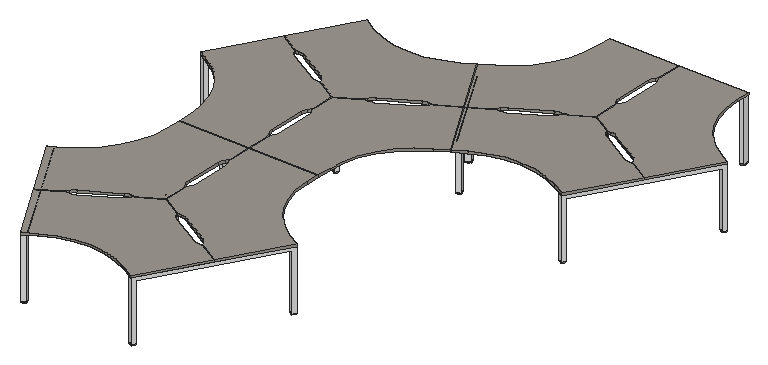
Revit family "120 Degree 9 User Symmetrical Workstation", category Furniture, Revit 2016 (continued)
Automatic sketch dimensions
  curve 25 to curve 26 = 469.53 mm
  curve 5 to curve 17 = 30 mm
  curve 26 to curve 14 = 30 mm
  curve 17 to curve 18 = 906.56 mm
  curve 18 to curve 13 = 0 mm
  plane 8 to curve 33 = 639.23 mm
  plane 3 "Center (Left/Right)" to curve 22 = 400 mm
  plane 3 "Center (Left/Right)" to curve 10 = 400 mm
  curve 33 to plane 6 = 1938.12 mm
  curve 22 to plane 6 = 969.06 mm
  curve 9 to plane 1 "Center (Front/Back)" = 230.94 mm
  curve 34 to curve 33 = 784.671 mm
  curve 33 to plane 8 = 174.019 mm
  curve 33 to curve 21 = 51.962 mm
  curve 9 to plane 8 = 254.127 mm
  curve 33 to curve 34 = 453.03 mm
  curve 33 to curve 33 = 469.53 mm
  curve 33 to curve 21 = 30 mm
  curve 22 to plane 6 = 30 mm
  plane 6 to curve 10 = 30 mm
  plane 1 "Center (Front/Back)" to curve 9 = 222.34 mm
Nested families
  nested 1: "1600 Mesa Leg" at (692.82, 188.013, 0) x (0.866, -0.5, 0) z (0, 0, 1), type "1600 Mesa Leg"
  nested 2: "1600 Mesa Leg" at (-692.82, 188.013, 0) x (-0.866, -0.5, 0) z (0, 0, 1), type "1600 Mesa Leg"
  nested 3: "1600 Mesa Leg" at (-692.82, 3388.013, 0) x (-0.866, 0.5, 0) z (0, 0, 1), type "1600 Mesa Leg"
  nested 4: "1600 Intermediate Mesa Leg" at (200, 2155.513, 0) x (0, -1, 0) z (0, 0, 1), type "1600 Intermediate Mesa Leg"
  nested 5: "1600 Mesa Leg" at (2078.461, 4988.013, 0) x (0, 1, 0) z (0, 0, 1), type "1600 Mesa Leg"
  nested 6: "1600 Mesa Leg" at (2770.848, 3788.263, 0) x (0.866, -0.5, 0) z (0, 0, 1), type "1600 Mesa Leg"
  nested 7: "1600 Intermediate Mesa Leg" at (1457.495, 3598.558, 0) x (-0.866, -0.5, 0) z (0, 0, 1), type "1600 Intermediate Mesa Leg"
Definition of nested family "1600 Mesa Leg"
  Parameters (values of type "1600 Mesa Leg")
    Width = 800 mm
    URL = "www.gof.co.uk"
    Type Comments = ""
    Range = "MESA"
    Product Code = "1600 Leg"
    Model = ""
    Manufacturer = "Gresham Office Furniture"  # constant formula
    Frame = none
    Foot = none
    Assembly Code = "E2020200"
  Reference planes
    plane 1 "Center (Front/Back)": y = 0
    plane 2: z = 0
    plane 3 "Center (Left/Right)": x = 0
    plane 4: x = -400
    plane 5: x = 400
    plane 6 "Desktop Underside": z = 702
    plane 7: y = 800
    plane 8: y = -800
    plane 9 "Foot": z = 10
  Forms (mm)
    Extrusion 1, solid, material <- "Frame"
      sketch origin (997.5, 311.693, 702) x (0, -1, 0) y (0, 0, 1)
        loop
          line (183.606, 0) -> (-485.807, 0) -> (-485.807, -692) -> (-445.807, -692) -> (-445.807, -40) -> (1069.193, -40) -> (1069.193, -692) -> (1109.193, -692) -> (1109.193, 0) -> (183.606, 0)
      from 600 to 660
    Extrusion 2, solid, material <- "Foot"
      sketch origin (481.991, 484.546, 10) x (-0.707107, 0.707107, 0) y (-0.707107, -0.707107, 0)
        loop
          line (-804.373, 1008.714) -> (-846.799, 966.287) -> (-818.515, 938.003) -> (-776.088, 980.43) -> (-804.373, 1008.714)
        loop
          line (323.463, -119.122) -> (295.178, -90.837) -> (252.752, -133.264) -> (281.036, -161.548) -> (323.463, -119.122)
      from 0 to -5
    Extrusion 3, solid
      sketch origin (487.674, 479.532, 0) x (0.707107, -0.707107, 0) y (0.707107, 0.707107, 0)
        loop
          circle (-295.671, 125.72) r 18
        loop
          circle (803.88, -973.831) r 18
      from 0 to 5
  Dimensions and locks
    locked: plane 6 "Desktop Underside" to plane 2 at 702
    equal spacing: plane 4, plane 3 "Center (Left/Right)", plane 5
    "Width": plane 4 to plane 5
    equal spacing: plane 7, plane 1 "Center (Front/Back)", plane 8
    plane 7 to plane 8 = 1600 mm
    Extrusion 1 sketch curve to Extrusion 1 sketch curve = 40 mm  (x2)
    locked: Extrusion 1 to plane 8 at 2.5
    locked: plane 7 to Extrusion 1 at 2.5
    Extrusion 1 to Extrusion 2 sketch curve = 40 mm
    locked: Extrusion 1 to Extrusion 1 at 60
    locked: plane 7 to Extrusion 3 sketch curve at 22.5
    locked: Extrusion 3 sketch curve to plane 5 at 32.5  (x2)
    locked: Extrusion 3 sketch curve to plane 8 at 22.5
    locked: Extrusion 1 to plane 5 at 2.5
    aligned and locked: level to plane 2
  Automatic sketch dimensions
    Extrusion 1 sketch curve to plane 6 "Desktop Underside" = 0 mm
    Extrusion 1 sketch curve to plane 9 "Foot" = 0 mm  (x2)
    Extrusion 1 sketch curve to plane 1 "Center (Front/Back)" = 128.087 mm
    plane 5 to Extrusion 2 sketch curve = 2.5 mm
    plane 8 to Extrusion 2 sketch curve = 2.5 mm
    Extrusion 2 sketch curve to Extrusion 2 sketch curve = 28.284 mm  (x3)
    Extrusion 2 sketch curve to Extrusion 2 sketch curve = 42.426 mm  (x2)
    Extrusion 2 sketch curve to Extrusion 2 sketch curve = 1071.267 mm
    Extrusion 1 sketch curve to plane 7 = 42.5 mm
    plane 8 to Extrusion 1 sketch curve = 42.5 mm
    Extrusion 1 sketch curve to plane 6 "Desktop Underside" = 40 mm
    radius of Extrusion 3 sketch curve = 18 mm  (x2)
Definition of nested family "1600 Intermediate Mesa Leg"
  Parameters (values of type "1600 Intermediate Mesa Leg")
    Width = 800 mm
    URL = "www.gof.co.uk"
    Type Comments = ""
    Range = "MESA"
    Product Code = "1200 Intermediate Leg"
    Model = ""
    Manufacturer = "Gresham Office Furniture"  # constant formula
    Frame = none
    Foot = none
    Assembly Code = "E2020200"
  Reference planes
    plane 1 "Center (Front/Back)": y = -200
    plane 2: z = 0
    plane 3 "Center (Left/Right)": x = 0
    plane 4: x = -400
    plane 5: x = 400
    plane 6 "Desktop Underside": z = 702
    plane 7: y = 400
    plane 8: y = -800
    plane 9 "Foot": z = 10
  Forms (mm)
    Extrusion 1, solid, material <- "Frame"
      sketch origin (997.5, 311.693, 702) x (0, -1, 0) y (0, 0, 1)
        loop
          line (241.193, -40) -> (782.193, -40) -> (782.193, -692) -> (822.193, -692) -> (822.193, -40) -> (1159.193, -40) -> (1159.193, 0) -> (-135.807, 0) -> (-135.807, -40) -> (201.193, -40) -> (201.193, -692) -> (241.193, -692) -> (241.193, -40)
      from 600 to 660
    Extrusion 2, solid, material <- "Foot"
      sketch origin (563.13, 858.982, 10) x (-0.707107, 0.707107, 0) y (-0.707107, -0.707107, 0)
        loop
          line (-808.826, 1127.915) -> (-851.253, 1085.488) -> (-822.968, 1057.204) -> (-780.542, 1099.63) -> (-808.826, 1127.915)
        loop
          line (-369.713, 688.801) -> (-397.997, 717.086) -> (-440.423, 674.659) -> (-412.139, 646.375) -> (-369.713, 688.801)
      from 0 to -5
    Extrusion 3, solid
      sketch origin (488.28, 853.968, 0) x (0.707107, -0.707107, 0) y (0.707107, 0.707107, 0)
        loop
          circle (865.279, -1036.087) r 18
        loop
          circle (454.45, -625.258) r 18
      from 0 to 5
  Dimensions and locks
    locked: plane 6 "Desktop Underside" to plane 2 at 702
    equal spacing: plane 4, plane 3 "Center (Left/Right)", plane 5
    "Width": plane 4 to plane 5
    equal spacing: plane 7, plane 1 "Center (Front/Back)", plane 8
    locked: plane 7 to plane 8 at 1200
    locked: Extrusion 1 to Extrusion 1 at 60
    Extrusion 1 sketch curve to Extrusion 1 sketch curve = 40 mm  (x3)
    Extrusion 2 to Extrusion 3 sketch curve = 20 mm  (x4)
    Extrusion 3 sketch curve to Extrusion 1 = 30 mm  (x2)
    Extrusion 2 sketch curve to Extrusion 2 sketch curve = 40 mm  (x2)
    Extrusion 1 sketch curve to Extrusion 1 sketch curve = 1295 mm
    Extrusion 1 sketch curve to Extrusion 1 sketch curve = 337 mm  (x2)
    aligned and locked: level to plane 2
  Automatic sketch dimensions
    plane 5 to Extrusion 2 sketch curve = 2.5 mm
    plane 1 "Center (Front/Back)" to Extrusion 2 sketch curve = 310.5 mm
    Extrusion 2 sketch curve to Extrusion 2 sketch curve = 42.426 mm  (x2)
    Extrusion 2 sketch curve to Extrusion 2 sketch curve = 382.545 mm  (x2)
    Extrusion 2 sketch curve to Extrusion 2 sketch curve = 28.284 mm  (x2)
    Extrusion 1 sketch curve to plane 6 "Desktop Underside" = 0 mm
    Extrusion 1 sketch curve to plane 9 "Foot" = 0 mm  (x2)
    plane 7 to Extrusion 1 sketch curve = 47.5 mm
    Extrusion 1 sketch curve to plane 6 "Desktop Underside" = 40 mm  (x2)
    radius of Extrusion 3 sketch curve = 18 mm  (x2)
